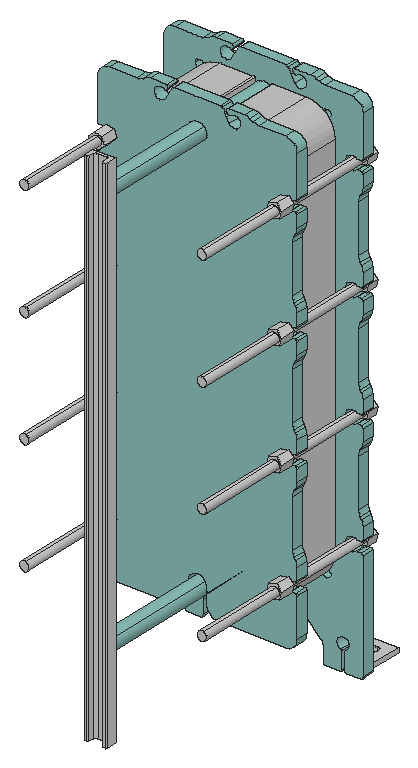
Revit family "Ekin_Endüstriyel - MIT513", category Specialty Equipment, Revit 2022 (continued)
Forms (mm)
  Extrusion 32, solid, material "Galvanized Steel", visible <- "Threaded Connection", detail levels fine
    sketch origin (0, 0, 0) x (1, 0, 0) y (0, 0, 1)
      loop
        line (55.474, 897.5) -> (43.349, 918.5)
        arc (43.349, 918.5) -> (42.251, 919.598) -> (40.751, 920) r 3
        line (40.751, 920) -> (-40.751, 920)
        arc (-40.751, 920) -> (-42.251, 919.598) -> (-43.349, 918.5) r 3
        line (-43.349, 918.5) -> (-55.474, 897.5)
        arc (-55.474, 897.5) -> (-75.802, 900.921) -> (-58.196, 911.643) r 11
        arc (-58.196, 911.643) -> (-55.773, 911.054) -> (-53.742, 912.5) r 3
        line (-53.742, 912.5) -> (-52.01, 915.5)
        arc (-52.01, 915.5) -> (-52.01, 918.5) -> (-54.608, 920) r 3
        line (-54.608, 920) -> (-82.141, 920)
        arc (-82.141, 920) -> (-87.317, 919.319) -> (-92.141, 917.321) r 20
        line (-92.141, 917.321) -> (-96.715, 914.679)
        arc (-96.715, 914.679) -> (-101.539, 912.681) -> (-106.715, 912) r 20
      loop
        circle (-70, 827.5) r 32.5
      loop
        circle (70, 827.5) r 32.5
      loop
        circle (-70, 187.5) r 32.5
      loop
        circle (70, 187.5) r 32.5
      loop
        circle (0, 149) r 6.25
      loop
        circle (0, 866) r 6.25
    from 0 to 20 <- "Head & Follower Plate"
Cuts and joins
  joined: Extrusion 5, Extrusion 9
  Extrusion 21, Extrusion 23 cuts Extrusion 20
  Extrusion 23 cuts Extrusion 22
  joined: Extrusion 27, Extrusion 28
Dimensions and locks
  "Lk": plane 7 "1" to plane 6 "2"
  "Head & Follower Plate": plane 1 "Center (Front/Back)" to plane 7 "1"  (x2)
  "Lc": plane 7 "1" to plane 8 "3"
  locked: Extrusion 7 sketch curve to Extrusion 7 sketch curve at 8  (x2)
  equal spacing: Extrusion 7 sketch curve, plane 3 "Center (Left/Right)", Extrusion 7 sketch curve
  Extrusion 7 sketch curve to plane 3 "Center (Left/Right)" = 20.00 mm
  locked: Extrusion 7 sketch curve to plane 8 "3" at 5
  locked: plane 8 "3" to Extrusion 7 sketch curve at 20
  plane 7 "1" to plane 6 "2" = 125.00 mm
  plane 7 "1" to plane 8 "3" = 350.00 mm
  "Lc": plane 10 to plane 1 "Center (Front/Back)"
  "Tightening Bolt": diameter of Extrusion 5 sketch curve  (x8)
  aligned and locked: level to plane 2
  aligned and locked: Extrusion 1 to plane 1 "Center (Front/Back)"
  aligned and locked: Extrusion 2 to plane 6 "2"
  aligned and locked: Extrusion 4 to plane 8 "3"
  aligned and locked: plane 7 "1" to Extrusion 4
  aligned and locked: Extrusion 7 sketch curve to plane 8 "3"
  aligned and locked: Extrusion 7 sketch curve to Extrusion 7 sketch curve
  aligned and locked: plane 6 "2" to Extrusion 3
  aligned and locked: plane 1 "Center (Front/Back)" to Extrusion 8
  aligned and locked: plane 9 "Bolt End" to Extrusion 8
  aligned and locked: Extrusion 5 to plane 1 "Center (Front/Back)"
  aligned and locked: Extrusion 19 to plane 6 "2"
  aligned and locked: Extrusion 15 to plane 6 "2"
  aligned and locked: plane 10 to cut or joined group of Extrusion 5, Extrusion 9
Automatic sketch dimensions
  Extrusion 1 sketch curve to Extrusion 1 sketch curve = 0.00 mm  (x69)
  Extrusion 1 sketch curve to level = 0.00 mm  (x4)
  Extrusion 1 sketch curve to plane 3 "Center (Left/Right)" = 0.00 mm  (x2)
  Extrusion 1 sketch curve to plane 3 "Center (Left/Right)" = 28.00 mm  (x4)
  Extrusion 1 sketch curve to plane 3 "Center (Left/Right)" = 40.751 mm
  Extrusion 1 sketch curve to Extrusion 1 sketch curve = 2.598 mm  (x6)
  Extrusion 1 sketch curve to Extrusion 1 sketch curve = 8.66 mm  (x2)
  Extrusion 1 sketch curve to Extrusion 1 sketch curve = 1.732 mm  (x4)
  Extrusion 1 sketch curve to plane 3 "Center (Left/Right)" = 63.787 mm
  Extrusion 1 sketch curve to Extrusion 1 sketch curve = 9.526 mm  (x2)
  Extrusion 1 sketch curve to Extrusion 1 sketch curve = 42.00 mm  (x20)
  Extrusion 1 sketch curve to Extrusion 1 sketch curve = 10.607 mm  (x5)
  Extrusion 1 sketch curve to Extrusion 1 sketch curve = 17.141 mm  (x2)
  Extrusion 1 sketch curve to Extrusion 1 sketch curve = 26.213 mm  (x4)
  Extrusion 1 sketch curve to Extrusion 1 sketch curve = 10.00 mm  (x4)
  Extrusion 1 sketch curve to Extrusion 1 sketch curve = 4.574 mm  (x14)
  level to Extrusion 1 sketch curve = 39.393 mm  (x2)
  Extrusion 1 sketch curve to Extrusion 1 sketch curve = 4.393 mm  (x2)
  Extrusion 1 sketch curve to Extrusion 1 sketch curve = 5.00 mm  (x4)
  Extrusion 1 sketch curve to Extrusion 1 sketch curve = 29.859 mm  (x2)
  Extrusion 1 sketch curve to Extrusion 1 sketch curve = 29.50 mm
  Extrusion 1 sketch curve to Extrusion 1 sketch curve = 24.50 mm  (x4)
  Extrusion 1 sketch curve to Extrusion 1 sketch curve = 3.00 mm  (x26)
  Extrusion 1 sketch curve to Extrusion 1 sketch curve = 2.50 mm  (x4)
  Extrusion 1 sketch curve to Extrusion 1 sketch curve = 43.00 mm  (x6)
  Extrusion 1 sketch curve to plane 3 "Center (Left/Right)" = 155.00 mm
  Extrusion 1 sketch curve to Extrusion 1 sketch curve = 48.285 mm
  Extrusion 1 sketch curve to Extrusion 1 sketch curve = 1.001 mm  (x8)
  Extrusion 1 sketch curve to Extrusion 1 sketch curve = 8.916 mm  (x16)
  Extrusion 1 sketch curve to Extrusion 1 sketch curve = 12.00 mm  (x6)
  Extrusion 1 sketch curve to Extrusion 1 sketch curve = 2.679 mm  (x23)
  Extrusion 1 sketch curve to Extrusion 1 sketch curve = 7.083 mm  (x15)
  Extrusion 1 sketch curve to Extrusion 1 sketch curve = 2.641 mm  (x12)
  level to Extrusion 1 sketch curve = 5.00 mm  (x2)
  Extrusion 1 sketch curve to Extrusion 1 sketch curve = 20.00 mm  (x8)
  Extrusion 1 sketch curve to Extrusion 1 sketch curve = 17.321 mm  (x6)
  plane 3 "Center (Left/Right)" to Extrusion 1 sketch curve = 28.00 mm  (x4)
  plane 3 "Center (Left/Right)" to Extrusion 1 sketch curve = 40.751 mm
  plane 3 "Center (Left/Right)" to Extrusion 1 sketch curve = 63.787 mm
  plane 3 "Center (Left/Right)" to Extrusion 1 sketch curve = 155.00 mm
  Extrusion 1 sketch curve to Extrusion 1 sketch curve = 29.126 mm  (x2)
  Extrusion 1 sketch curve to Extrusion 1 sketch curve = 12.874 mm  (x2)
  Extrusion 1 sketch curve to Extrusion 1 sketch curve = 75.50 mm
  Extrusion 1 sketch curve to Extrusion 1 sketch curve = 3.50 mm  (x3)
  Extrusion 1 sketch curve to Extrusion 1 sketch curve = 8.25 mm  (x2)
  Extrusion 1 sketch curve to Extrusion 1 sketch curve = 8.75 mm  (x12)
  Extrusion 1 sketch curve to Extrusion 1 sketch curve = 17.50 mm  (x4)
  Extrusion 1 sketch curve to Extrusion 1 sketch curve = 21.535 mm  (x12)
  Extrusion 1 sketch curve to Extrusion 1 sketch curve = 84.282 mm  (x6)
  Extrusion 1 sketch curve to Extrusion 1 sketch curve = 11.285 mm  (x2)
  Extrusion 1 sketch curve to Extrusion 1 sketch curve = 38.50 mm
  Extrusion 1 sketch curve to Extrusion 1 sketch curve = 22.50 mm  (x2)
  Extrusion 1 sketch curve to Extrusion 1 sketch curve = 28.00 mm  (x2)
  Extrusion 1 sketch curve to Extrusion 1 sketch curve = 5.50 mm  (x2)
  Extrusion 1 sketch curve to Extrusion 1 sketch curve = 9.50 mm  (x2)
  Extrusion 1 sketch curve to Extrusion 1 sketch curve = 1.50 mm  (x7)
  Extrusion 1 sketch curve to plane 3 "Center (Left/Right)" = 6.25 mm  (x2)
  Extrusion 1 sketch curve to Extrusion 1 sketch curve = 7.00 mm  (x16)
  Extrusion 1 sketch curve to Extrusion 1 sketch curve = 32.50 mm  (x4)
  Extrusion 2 sketch curve to Extrusion 2 sketch curve = 0.00 mm  (x9)
  Extrusion 2 sketch curve to plane 3 "Center (Left/Right)" = 0.00 mm  (x2)
  plane 3 "Center (Left/Right)" to Extrusion 2 sketch curve = 15.00 mm  (x2)
  Extrusion 2 sketch curve to Extrusion 2 sketch curve = 2.00 mm  (x5)
  Extrusion 2 sketch curve to Extrusion 2 sketch curve = 55.00 mm  (x4)
  Extrusion 2 sketch curve to Extrusion 2 sketch curve = 5.00 mm  (x8)
  Extrusion 2 sketch curve to Extrusion 2 sketch curve = 50.00 mm  (x2)
  level to Extrusion 2 sketch curve = 132.50 mm
  Extrusion 2 sketch curve to Extrusion 2 sketch curve = 15.00 mm  (x2)
  Extrusion 2 sketch curve to Extrusion 2 sketch curve = 640.00 mm
  Extrusion 2 sketch curve to Extrusion 2 sketch curve = 32.50 mm  (x4)
  Extrusion 3 sketch curve to Extrusion 3 sketch curve = 0.00 mm  (x22)
  Extrusion 3 sketch curve to plane 3 "Center (Left/Right)" = 0.00 mm  (x2)
  plane 3 "Center (Left/Right)" to Extrusion 3 sketch curve = 16.50 mm
  Extrusion 3 sketch curve to Extrusion 3 sketch curve = 20.00 mm  (x17)
  plane 3 "Center (Left/Right)" to Extrusion 3 sketch curve = 40.751 mm
  Extrusion 3 sketch curve to Extrusion 3 sketch curve = 2.598 mm  (x6)
  Extrusion 3 sketch curve to Extrusion 3 sketch curve = 8.66 mm  (x2)
  Extrusion 3 sketch curve to Extrusion 3 sketch curve = 1.732 mm  (x4)
  Extrusion 3 sketch curve to Extrusion 3 sketch curve = 9.526 mm  (x2)
  Extrusion 3 sketch curve to Extrusion 3 sketch curve = 17.141 mm  (x2)
  Extrusion 3 sketch curve to Extrusion 3 sketch curve = 10.00 mm  (x4)
  Extrusion 3 sketch curve to Extrusion 3 sketch curve = 4.574 mm  (x14)
  Extrusion 3 sketch curve to Extrusion 3 sketch curve = 48.285 mm  (x2)
  Extrusion 3 sketch curve to Extrusion 3 sketch curve = 118.50 mm  (x2)
  plane 3 "Center (Left/Right)" to Extrusion 3 sketch curve = 155.00 mm
  Extrusion 3 sketch curve to Extrusion 3 sketch curve = 1.00 mm  (x8)
  Extrusion 3 sketch curve to Extrusion 3 sketch curve = 8.917 mm  (x16)
  Extrusion 3 sketch curve to Extrusion 3 sketch curve = 12.00 mm  (x6)
  Extrusion 3 sketch curve to Extrusion 3 sketch curve = 2.679 mm  (x20)
  Extrusion 3 sketch curve to Extrusion 3 sketch curve = 7.083 mm  (x16)
  Extrusion 3 sketch curve to Extrusion 3 sketch curve = 2.641 mm  (x12)
  Extrusion 3 sketch curve to Extrusion 3 sketch curve = 3.00 mm  (x22)
  Extrusion 3 sketch curve to plane 3 "Center (Left/Right)" = 40.751 mm
  Extrusion 3 sketch curve to plane 3 "Center (Left/Right)" = 155.00 mm  (x2)
  level to Extrusion 3 sketch curve = 107.50 mm  (x2)
  Extrusion 3 sketch curve to Extrusion 3 sketch curve = 25.50 mm
  Extrusion 3 sketch curve to Extrusion 3 sketch curve = 68.25 mm  (x2)
  Extrusion 3 sketch curve to Extrusion 3 sketch curve = 8.75 mm  (x14)
  Extrusion 3 sketch curve to Extrusion 3 sketch curve = 21.535 mm  (x10)
  Extrusion 3 sketch curve to Extrusion 3 sketch curve = 84.282 mm  (x6)
  Extrusion 3 sketch curve to Extrusion 3 sketch curve = 17.499 mm  (x2)
  Extrusion 3 sketch curve to Extrusion 3 sketch curve = 21.536 mm  (x2)
  Extrusion 3 sketch curve to Extrusion 3 sketch curve = 58.50 mm
  Extrusion 3 sketch curve to Extrusion 3 sketch curve = 72.75 mm  (x2)
  Extrusion 3 sketch curve to Extrusion 3 sketch curve = 14.50 mm  (x2)
  Extrusion 3 sketch curve to Extrusion 3 sketch curve = 2.50 mm  (x2)
  Extrusion 3 sketch curve to Extrusion 3 sketch curve = 5.50 mm  (x2)
  Extrusion 3 sketch curve to Extrusion 3 sketch curve = 9.50 mm  (x2)
  Extrusion 3 sketch curve to Extrusion 3 sketch curve = 1.50 mm  (x7)
  plane 3 "Center (Left/Right)" to Extrusion 3 sketch curve = 11.73 mm
  Extrusion 3 sketch curve to plane 3 "Center (Left/Right)" = 11.73 mm
  Extrusion 3 sketch curve to Extrusion 3 sketch curve = 10.881 mm
  Extrusion 4 sketch curve to Extrusion 4 sketch curve = 0.00 mm  (x4)
  Extrusion 4 sketch curve to plane 3 "Center (Left/Right)" = 0.00 mm  (x2)
  level to Extrusion 4 sketch curve = 149.00 mm
  Extrusion 4 sketch curve to Extrusion 4 sketch curve = 717.00 mm
  plane 3 "Center (Left/Right)" to Extrusion 4 sketch curve = 10.997 mm  (x2)
  Extrusion 4 sketch curve to plane 3 "Center (Left/Right)" = 10.997 mm  (x2)
  Extrusion 4 sketch curve to Extrusion 4 sketch curve = 10.201 mm  (x2)
  Extrusion 5 sketch curve to Extrusion 5 sketch curve = 0.00 mm  (x16)
  Extrusion 5 sketch curve to plane 3 "Center (Left/Right)" = 156.001 mm  (x4)
  plane 3 "Center (Left/Right)" to Extrusion 5 sketch curve = 155.999 mm  (x4)
  level to Extrusion 5 sketch curve = 207.50 mm  (x2)
  Extrusion 5 sketch curve to Extrusion 5 sketch curve = 200.00 mm  (x6)
  Extrusion 5 sketch curve to Extrusion 5 sketch curve = 2.132 mm  (x16)
  Extrusion 6 sketch curve to Extrusion 6 sketch curve = 0.00 mm  (x14)
  Extrusion 6 sketch curve to level = 0.00 mm  (x2)
  Extrusion 6 sketch curve to plane 4 = 1335.00 mm  (x2)
  Extrusion 6 sketch curve to Extrusion 6 sketch curve = 8.00 mm  (x4)
  Extrusion 6 sketch curve to Extrusion 6 sketch curve = 18.999 mm  (x4)
  Extrusion 6 sketch curve to Extrusion 6 sketch curve = 35.00 mm  (x5)
  Extrusion 6 sketch curve to Extrusion 6 sketch curve = 73.644 mm
  Extrusion 6 sketch curve to Extrusion 6 sketch curve = 13.856 mm  (x14)
  Extrusion 6 sketch curve to Extrusion 6 sketch curve = 86.001 mm  (x2)
  Extrusion 6 sketch curve to Extrusion 6 sketch curve = 22.50 mm  (x2)
  Extrusion 6 sketch curve to Extrusion 6 sketch curve = 70.00 mm  (x2)
  Extrusion 6 sketch curve to Extrusion 6 sketch curve = 65.00 mm  (x2)
  Extrusion 6 sketch curve to plane 4 = 1090.00 mm
  Extrusion 6 sketch curve to Extrusion 6 sketch curve = 5.00 mm
  Extrusion 6 sketch curve to plane 4 = 1020.00 mm
  Extrusion 6 sketch curve to plane 4 = 1003.999 mm  (x4)
  Extrusion 6 sketch curve to plane 4 = 993.00 mm  (x3)
  Extrusion 6 sketch curve to plane 4 = 985.00 mm  (x4)
  level to Extrusion 6 sketch curve = 35.00 mm  (x2)
  Extrusion 6 sketch curve to Extrusion 6 sketch curve = 10.00 mm  (x2)
  Extrusion 6 sketch curve to Extrusion 6 sketch curve = 79.00 mm
  Extrusion 6 sketch curve to Extrusion 6 sketch curve = 38.50 mm  (x3)
  Extrusion 6 sketch curve to Extrusion 6 sketch curve = 20.00 mm  (x4)
  Extrusion 6 sketch curve to Extrusion 6 sketch curve = 38.644 mm  (x12)
  Extrusion 6 sketch curve to Extrusion 6 sketch curve = 95.00 mm  (x6)
  Extrusion 6 sketch curve to Extrusion 6 sketch curve = 37.00 mm  (x2)
  Extrusion 6 sketch curve to Extrusion 6 sketch curve = 9.00 mm  (x2)
  Extrusion 6 sketch curve to Extrusion 6 sketch curve = 32.50 mm  (x4)
  Extrusion 6 sketch curve to Extrusion 6 sketch curve = 6.25 mm  (x2)
  Extrusion 7 sketch curve to Extrusion 7 sketch curve = 2.00 mm  (x4)
  plane 3 "Center (Left/Right)" to Extrusion 7 sketch curve = 7.00 mm
  Extrusion 7 sketch curve to plane 3 "Center (Left/Right)" = 7.00 mm
  Extrusion 8 sketch curve to plane 3 "Center (Left/Right)" = 169.412 mm  (x4)
  Extrusion 8 sketch curve to Extrusion 8 sketch curve = 3.692 mm  (x16)
  Extrusion 8 sketch curve to Extrusion 8 sketch curve = 9.72 mm  (x8)
  Extrusion 8 sketch curve to Extrusion 8 sketch curve = 13.412 mm  (x16)
  plane 3 "Center (Left/Right)" to Extrusion 8 sketch curve = 142.587 mm  (x4)
  level to Extrusion 8 sketch curve = 194.145 mm  (x2)
  Extrusion 8 sketch curve to Extrusion 8 sketch curve = 3.48 mm  (x16)
  Extrusion 8 sketch curve to Extrusion 8 sketch curve = 9.875 mm  (x8)
  Extrusion 8 sketch curve to Extrusion 8 sketch curve = 13.355 mm  (x16)
  Extrusion 8 sketch curve to Extrusion 8 sketch curve = 173.289 mm  (x6)
  Extrusion 3 to Extrusion 9 sketch curve = 2.492 mm  (x8)
  Extrusion 9 sketch curve to Extrusion 3 = 1.523 mm  (x8)
  Extrusion 9 sketch curve to Extrusion 3 = 6.985 mm  (x8)
  Extrusion 9 sketch curve to Extrusion 3 = 4.512 mm  (x10)
  Extrusion 9 sketch curve to Extrusion 9 sketch curve = 13.493 mm  (x8)
  Extrusion 9 sketch curve to Extrusion 3 = 4.51 mm  (x2)
  Extrusion 9 sketch curve to Extrusion 3 = 4.513 mm  (x2)
  Extrusion 9 sketch curve to Extrusion 3 = 1.358 mm  (x2)
  Extrusion 9 sketch curve to Extrusion 3 = 1.359 mm  (x10)
  Extrusion 9 sketch curve to Extrusion 3 = 1.362 mm  (x2)
  Extrusion 3 to Extrusion 9 sketch curve = 5.599 mm  (x2)
  Extrusion 9 sketch curve to Extrusion 9 sketch curve = 9.478 mm  (x8)
  Extrusion 3 to Extrusion 9 sketch curve = 5.596 mm  (x10)
  Extrusion 3 to Extrusion 9 sketch curve = 5.595 mm  (x2)
  Extrusion 9 sketch curve to Extrusion 3 = 24.493 mm  (x4)
  Extrusion 9 sketch curve to Extrusion 9 sketch curve = 4.015 mm  (x4)
  Extrusion 9 sketch curve to Extrusion 3 = 1.356 mm  (x2)
  Extrusion 3 to Extrusion 9 sketch curve = 5.593 mm  (x2)
  Extrusion 9 sketch curve to Extrusion 3 = 4.515 mm  (x2)
  Extrusion 3 to Extrusion 10 sketch curve = 2.442 mm  (x14)
  Extrusion 3 to Extrusion 10 sketch curve = 7.984 mm  (x8)
  Extrusion 3 to Extrusion 10 sketch curve = 2.443 mm  (x2)
  Extrusion 10 sketch curve to Extrusion 3 = 0.047 mm  (x8)
  Extrusion 10 sketch curve to Extrusion 3 = 2.971 mm  (x8)
  Extrusion 10 sketch curve to Extrusion 3 = 19.032 mm  (x8)
  Extrusion 10 sketch curve to Extrusion 3 = 11.467 mm  (x14)
  Extrusion 10 sketch curve to Extrusion 10 sketch curve = 26.986 mm  (x4)
  Extrusion 10 sketch curve to Extrusion 10 sketch curve = 18.955 mm  (x4)
  Extrusion 10 sketch curve to Extrusion 3 = 37.987 mm  (x4)
  Extrusion 10 sketch curve to Extrusion 10 sketch curve = 8.03 mm  (x4)
  Extrusion 10 sketch curve to Extrusion 3 = 17.774 mm  (x14)
  Extrusion 10 sketch curve to Extrusion 3 = 17.775 mm  (x2)
  Extrusion 10 sketch curve to Extrusion 3 = 11.468 mm  (x2)
  Extrusion 11 sketch curve to plane 3 "Center (Left/Right)" = 182.824 mm  (x4)
  Extrusion 11 sketch curve to Extrusion 11 sketch curve = 7.385 mm  (x16)
  Extrusion 11 sketch curve to Extrusion 11 sketch curve = 19.44 mm  (x8)
  Extrusion 11 sketch curve to Extrusion 11 sketch curve = 26.825 mm  (x16)
  plane 3 "Center (Left/Right)" to Extrusion 11 sketch curve = 129.175 mm  (x4)
  level to Extrusion 11 sketch curve = 180.789 mm  (x2)
  Extrusion 11 sketch curve to Extrusion 11 sketch curve = 6.96 mm  (x16)
  Extrusion 11 sketch curve to Extrusion 11 sketch curve = 19.751 mm  (x8)
  Extrusion 11 sketch curve to Extrusion 11 sketch curve = 26.711 mm  (x16)
  Extrusion 11 sketch curve to Extrusion 11 sketch curve = 146.579 mm  (x6)
  Extrusion 12 sketch curve to Extrusion 12 sketch curve = 0.00 mm  (x44)
  Extrusion 12 sketch curve to plane 3 "Center (Left/Right)" = 127.50 mm  (x2)
  Extrusion 12 sketch curve to Extrusion 12 sketch curve = 12.00 mm  (x16)
  Extrusion 12 sketch curve to Extrusion 12 sketch curve = 3.50 mm  (x23)
  Extrusion 12 sketch curve to Extrusion 12 sketch curve = 42.00 mm  (x18)
  Extrusion 12 sketch curve to plane 3 "Center (Left/Right)" = 28.00 mm  (x4)
  Extrusion 12 sketch curve to plane 3 "Center (Left/Right)" = 12.50 mm  (x2)
  plane 3 "Center (Left/Right)" to Extrusion 12 sketch curve = 12.50 mm  (x2)
  Extrusion 12 sketch curve to Extrusion 12 sketch curve = 15.50 mm  (x15)
  level to Extrusion 12 sketch curve = 130.00 mm
  Extrusion 12 sketch curve to Extrusion 12 sketch curve = 525.00 mm
  Extrusion 12 sketch curve to Extrusion 12 sketch curve = 6.00 mm  (x8)
  Extrusion 12 sketch curve to Extrusion 12 sketch curve = 31.50 mm  (x4)
  Extrusion 12 sketch curve to Extrusion 12 sketch curve = 9.50 mm  (x8)
  Extrusion 13 sketch curve to Extrusion 13 sketch curve = 0.00 mm  (x11)
  Extrusion 13 sketch curve to plane 4 = 1287.50 mm  (x2)
  Extrusion 13 sketch curve to Extrusion 13 sketch curve = 12.00 mm  (x24)
  level to Extrusion 13 sketch curve = 130.00 mm  (x2)
  Extrusion 13 sketch curve to Extrusion 13 sketch curve = 45.50 mm  (x16)
  Extrusion 13 sketch curve to Extrusion 13 sketch curve = 25.00 mm  (x2)
  Extrusion 13 sketch curve to plane 4 = 1044.50 mm  (x4)
  Extrusion 13 sketch curve to Extrusion 13 sketch curve = 57.50 mm  (x2)
  Extrusion 13 sketch curve to Extrusion 13 sketch curve = 525.00 mm
  Extrusion 13 sketch curve to Extrusion 13 sketch curve = 31.50 mm  (x4)
  plane 5 to Extrusion 14 sketch curve = 872.50 mm  (x2)
  Extrusion 14 sketch curve to Extrusion 14 sketch curve = 12.00 mm  (x22)
  plane 5 to Extrusion 14 sketch curve = 975.50 mm  (x4)
  plane 5 to Extrusion 14 sketch curve = 987.50 mm  (x2)
  plane 5 to Extrusion 14 sketch curve = 1012.50 mm  (x2)
  Extrusion 14 sketch curve to Extrusion 14 sketch curve = 91.00 mm  (x10)
  level to Extrusion 14 sketch curve = 130.00 mm  (x2)
  Extrusion 14 sketch curve to Extrusion 14 sketch curve = 0.00 mm  (x3)
  Extrusion 14 sketch curve to Extrusion 14 sketch curve = 525.00 mm
  Extrusion 15 sketch curve to plane 4 = 1035.00 mm
  Extrusion 15 sketch curve to Extrusion 15 sketch curve = 110.00 mm  (x3)
  Extrusion 15 sketch curve to Extrusion 15 sketch curve = 30.00 mm  (x2)
  level to Extrusion 15 sketch curve = 132.50 mm  (x2)
  Extrusion 15 sketch curve to Extrusion 15 sketch curve = 32.00 mm  (x3)
  Extrusion 15 sketch curve to Extrusion 15 sketch curve = 686.00 mm
  Extrusion 16 sketch curve to Extrusion 16 sketch curve = 0.00 mm  (x5)
  Extrusion 16 sketch curve to plane 4 = 985.00 mm  (x4)
  Extrusion 16 sketch curve to plane 4 = 993.00 mm  (x3)
  Extrusion 16 sketch curve to plane 4 = 1003.999 mm  (x4)
  Extrusion 16 sketch curve to plane 4 = 1058.644 mm
  Extrusion 16 sketch curve to Extrusion 16 sketch curve = 13.856 mm  (x14)
  Extrusion 16 sketch curve to Extrusion 16 sketch curve = 22.50 mm  (x2)
  Extrusion 16 sketch curve to plane 4 = 1160.00 mm
  Extrusion 16 sketch curve to Extrusion 16 sketch curve = 65.00 mm  (x2)
  Extrusion 16 sketch curve to Extrusion 16 sketch curve = 156.001 mm  (x2)
  Extrusion 16 sketch curve to Extrusion 16 sketch curve = 54.644 mm
  Extrusion 16 sketch curve to Extrusion 16 sketch curve = 10.999 mm  (x3)
  Extrusion 16 sketch curve to Extrusion 16 sketch curve = 8.00 mm  (x5)
  level to Extrusion 16 sketch curve = 107.50 mm
  level to Extrusion 16 sketch curve = 153.00 mm
  Extrusion 16 sketch curve to Extrusion 16 sketch curve = 100.00 mm  (x2)
  Extrusion 16 sketch curve to Extrusion 16 sketch curve = 38.644 mm  (x12)
  Extrusion 16 sketch curve to Extrusion 16 sketch curve = 95.00 mm  (x6)
  Extrusion 16 sketch curve to Extrusion 16 sketch curve = 58.50 mm
  Extrusion 16 sketch curve to Extrusion 16 sketch curve = 37.00 mm  (x2)
  Extrusion 16 sketch curve to Extrusion 16 sketch curve = 104.50 mm
  Extrusion 16 sketch curve to Extrusion 16 sketch curve = 9.00 mm
  Extrusion 16 sketch curve to Extrusion 16 sketch curve = 16.50 mm
  Extrusion 16 sketch curve to Extrusion 16 sketch curve = 6.25 mm
  Extrusion 17 sketch curve to level = 0.00 mm
  plane 5 to Extrusion 17 sketch curve = 825.00 mm
  plane 5 to Extrusion 17 sketch curve = 1175.00 mm
  Extrusion 17 sketch curve to Extrusion 17 sketch curve = 920.00 mm
  plane 5 to Extrusion 18 sketch curve = 1175.00 mm
  plane 5 to Extrusion 18 sketch curve = 825.00 mm
  level to Extrusion 18 sketch curve = 107.50 mm
  Extrusion 18 sketch curve to Extrusion 18 sketch curve = 812.50 mm
  plane 5 to Extrusion 19 sketch curve = 1125.00 mm
  plane 5 to Extrusion 19 sketch curve = 875.00 mm
  level to Extrusion 19 sketch curve = 132.50 mm
  Extrusion 19 sketch curve to Extrusion 19 sketch curve = 750.00 mm
  Extrusion 20 sketch curve to level = 0.00 mm
  Extrusion 20 sketch curve to plane 1 "Center (Front/Back)" = 0.00 mm
  Extrusion 20 sketch curve to Extrusion 20 sketch curve = 7.50 mm
  level to Extrusion 20 sketch curve = 7.50 mm
  plane 9 "Bolt End" to Extrusion 20 sketch curve = 51.30 mm
  Extrusion 20 sketch curve to Extrusion 20 sketch curve = 62.50 mm
  Extrusion 22 sketch curve to level = 0.00 mm
  Extrusion 22 sketch curve to plane 1 "Center (Front/Back)" = 0.00 mm
  Extrusion 22 sketch curve to Extrusion 22 sketch curve = 7.50 mm
  level to Extrusion 22 sketch curve = 7.50 mm
  plane 9 "Bolt End" to Extrusion 22 sketch curve = 51.30 mm
  Extrusion 22 sketch curve to Extrusion 22 sketch curve = 62.50 mm
  Extrusion 23 sketch curve to Extrusion 23 sketch curve = 9.00 mm
  Extrusion 24 sketch curve to level = 0.00 mm
  Extrusion 24 sketch curve to plane 1 "Center (Front/Back)" = 0.00 mm
  Extrusion 24 sketch curve to Extrusion 24 sketch curve = 7.50 mm
  level to Extrusion 24 sketch curve = 7.50 mm
  plane 9 "Bolt End" to Extrusion 24 sketch curve = 51.30 mm
  Extrusion 24 sketch curve to Extrusion 24 sketch curve = 62.50 mm
  Extrusion 25 sketch curve to level = 0.00 mm
  Extrusion 25 sketch curve to plane 1 "Center (Front/Back)" = 0.00 mm
  Extrusion 25 sketch curve to Extrusion 25 sketch curve = 7.50 mm
  level to Extrusion 25 sketch curve = 7.50 mm
  plane 9 "Bolt End" to Extrusion 25 sketch curve = 51.30 mm
  Extrusion 25 sketch curve to Extrusion 25 sketch curve = 62.50 mm
  Extrusion 26 sketch curve to level = 0.00 mm
  plane 3 "Center (Left/Right)" to Extrusion 26 sketch curve = 20.00 mm
  Extrusion 26 sketch curve to plane 3 "Center (Left/Right)" = 20.00 mm
  level to Extrusion 26 sketch curve = 920.00 mm
  Extrusion 27 sketch curve to Extrusion 12 = 1.584 mm  (x16)
  Extrusion 27 sketch curve to Extrusion 12 = 5.224 mm  (x16)
  Extrusion 27 sketch curve to Extrusion 12 = 1.533 mm  (x16)
  Extrusion 27 sketch curve to Extrusion 12 = 11.861 mm  (x16)
  Extrusion 27 sketch curve to Extrusion 27 sketch curve = 13.916 mm  (x16)
  Extrusion 27 sketch curve to Extrusion 12 = 5.365 mm  (x16)
  Extrusion 27 sketch curve to Extrusion 27 sketch curve = 10.276 mm  (x9)
  Extrusion 27 sketch curve to Extrusion 27 sketch curve = 3.639 mm  (x15)
  Extrusion 27 sketch curve to Extrusion 12 = 29.416 mm  (x8)
  Extrusion 27 sketch curve to Extrusion 12 = 11.668 mm  (x16)
  Extrusion 27 sketch curve to Extrusion 27 sketch curve = 13.967 mm  (x21)
  Extrusion 27 sketch curve to Extrusion 27 sketch curve = 10.135 mm  (x11)
  Extrusion 27 sketch curve to Extrusion 27 sketch curve = 24.103 mm  (x8)
  Extrusion 27 sketch curve to Extrusion 27 sketch curve = 3.832 mm  (x8)
  Extrusion 28 sketch curve to Extrusion 28 sketch curve = 0.00 mm  (x16)
  Extrusion 28 sketch curve to Extrusion 12 = 1.038 mm  (x16)
  Extrusion 28 sketch curve to Extrusion 28 sketch curve = 14.462 mm  (x16)
  Extrusion 12 to Extrusion 29 sketch curve = 26.043 mm
  Extrusion 29 sketch curve to Extrusion 29 sketch curve = 2.448 mm  (x2)
  Extrusion 29 sketch curve to Extrusion 29 sketch curve = 11.095 mm
  Extrusion 12 to Extrusion 29 sketch curve = 10.052 mm  (x2)
  Extrusion 12 to Extrusion 29 sketch curve = 1.405 mm  (x2)
  Extrusion 29 sketch curve to Extrusion 12 = 1.043 mm  (x2)
  Extrusion 29 sketch curve to Extrusion 29 sketch curve = 13.543 mm  (x2)
  Extrusion 12 to Extrusion 29 sketch curve = 99.225 mm  (x2)
  Extrusion 29 sketch curve to Extrusion 29 sketch curve = 4.992 mm  (x3)
  Extrusion 29 sketch curve to Extrusion 29 sketch curve = 9.233 mm  (x3)
  Extrusion 29 sketch curve to Extrusion 29 sketch curve = 14.225 mm  (x4)
  Extrusion 31 sketch curve to Extrusion 31 sketch curve = 0.00 mm  (x50)
  Extrusion 31 sketch curve to Extrusion 6 = 117.50 mm
  Extrusion 31 sketch curve to Extrusion 6 = 245.00 mm
  Extrusion 31 sketch curve to Extrusion 6 = 84.50 mm  (x2)
  Extrusion 31 sketch curve to Extrusion 31 sketch curve = 140.00 mm  (x2)
  Extrusion 31 sketch curve to Extrusion 31 sketch curve = 29.50 mm  (x2)
  Extrusion 31 sketch curve to Extrusion 31 sketch curve = 3.00 mm  (x4)
  Extrusion 31 sketch curve to Extrusion 31 sketch curve = 32.50 mm  (x2)
  Extrusion 21 sketch curve to Extrusion 21 sketch curve = 0.00 mm  (x2)
  plane 9 "Bolt End" to Extrusion 21 sketch curve = 26.30 mm
  plane 3 "Center (Left/Right)" to Extrusion 21 sketch curve = 140.00 mm
  Extrusion 21 sketch curve to Extrusion 21 sketch curve = 9.00 mm
  Extrusion 23 sketch curve to Extrusion 23 sketch curve = 0.00 mm  (x2)
  plane 9 "Bolt End" to Extrusion 23 sketch curve = 26.30 mm
  Extrusion 23 sketch curve to plane 3 "Center (Left/Right)" = 140.00 mm
  Extrusion 32 sketch curve to level = 0.00 mm  (x4)
  Extrusion 32 sketch curve to plane 3 "Center (Left/Right)" = 0.00 mm  (x2)
  Extrusion 32 sketch curve to plane 3 "Center (Left/Right)" = 40.751 mm
  Extrusion 32 sketch curve to Extrusion 32 sketch curve = 2.598 mm  (x6)
  Extrusion 32 sketch curve to Extrusion 32 sketch curve = 8.66 mm  (x2)
  Extrusion 32 sketch curve to Extrusion 32 sketch curve = 1.732 mm  (x4)
  Extrusion 32 sketch curve to plane 3 "Center (Left/Right)" = 63.787 mm
  Extrusion 32 sketch curve to Extrusion 32 sketch curve = 9.526 mm  (x2)
  Extrusion 32 sketch curve to Extrusion 32 sketch curve = 10.607 mm  (x5)
  Extrusion 32 sketch curve to Extrusion 32 sketch curve = 17.141 mm  (x2)
  Extrusion 32 sketch curve to Extrusion 32 sketch curve = 26.213 mm  (x4)
  Extrusion 32 sketch curve to Extrusion 32 sketch curve = 10.00 mm  (x4)
  Extrusion 32 sketch curve to Extrusion 32 sketch curve = 4.574 mm  (x14)
  level to Extrusion 32 sketch curve = 39.393 mm  (x2)
  Extrusion 32 sketch curve to Extrusion 32 sketch curve = 4.393 mm  (x2)
  Extrusion 32 sketch curve to Extrusion 32 sketch curve = 5.00 mm  (x4)
  Extrusion 32 sketch curve to Extrusion 32 sketch curve = 29.50 mm
  Extrusion 32 sketch curve to Extrusion 32 sketch curve = 24.50 mm  (x4)
  Extrusion 32 sketch curve to Extrusion 32 sketch curve = 3.00 mm  (x28)
  Extrusion 32 sketch curve to Extrusion 32 sketch curve = 2.50 mm  (x4)
  Extrusion 32 sketch curve to plane 3 "Center (Left/Right)" = 155.00 mm
  Extrusion 32 sketch curve to Extrusion 32 sketch curve = 48.285 mm  (x2)
  Extrusion 32 sketch curve to Extrusion 32 sketch curve = 0.00 mm  (x24)
  Extrusion 32 sketch curve to Extrusion 32 sketch curve = 1.001 mm  (x8)
  Extrusion 32 sketch curve to Extrusion 32 sketch curve = 8.916 mm  (x16)
  Extrusion 32 sketch curve to Extrusion 32 sketch curve = 12.00 mm  (x6)
  Extrusion 32 sketch curve to Extrusion 32 sketch curve = 2.679 mm  (x23)
  Extrusion 32 sketch curve to Extrusion 32 sketch curve = 7.083 mm  (x15)
  Extrusion 32 sketch curve to Extrusion 32 sketch curve = 2.641 mm  (x12)
  level to Extrusion 32 sketch curve = 5.00 mm  (x2)
  Extrusion 32 sketch curve to Extrusion 32 sketch curve = 20.00 mm  (x9)
  Extrusion 32 sketch curve to Extrusion 32 sketch curve = 17.321 mm  (x7)
  plane 3 "Center (Left/Right)" to Extrusion 32 sketch curve = 40.751 mm
  plane 3 "Center (Left/Right)" to Extrusion 32 sketch curve = 63.787 mm
  plane 3 "Center (Left/Right)" to Extrusion 32 sketch curve = 155.00 mm
  Extrusion 32 sketch curve to Extrusion 32 sketch curve = 29.126 mm  (x2)
  Extrusion 32 sketch curve to Extrusion 32 sketch curve = 12.874 mm  (x2)
  Extrusion 32 sketch curve to Extrusion 32 sketch curve = 8.25 mm  (x2)
  Extrusion 32 sketch curve to Extrusion 32 sketch curve = 8.75 mm  (x12)
  Extrusion 32 sketch curve to Extrusion 32 sketch curve = 17.50 mm  (x4)
  Extrusion 32 sketch curve to Extrusion 32 sketch curve = 21.535 mm  (x12)
  Extrusion 32 sketch curve to Extrusion 32 sketch curve = 84.282 mm  (x6)
  Extrusion 32 sketch curve to Extrusion 32 sketch curve = 38.50 mm  (x4)
  Extrusion 32 sketch curve to Extrusion 32 sketch curve = 5.50 mm  (x2)
  Extrusion 32 sketch curve to Extrusion 32 sketch curve = 9.50 mm  (x2)
  Extrusion 32 sketch curve to Extrusion 32 sketch curve = 1.50 mm  (x7)
  Extrusion 32 sketch curve to plane 3 "Center (Left/Right)" = 6.25 mm  (x2)
  Extrusion 32 sketch curve to Extrusion 32 sketch curve = 32.50 mm  (x4)
  Extrusion 32 sketch curve to Extrusion 32 sketch curve = 17.179 mm
  plane 3 "Center (Left/Right)" to Extrusion 32 sketch curve = 70.00 mm  (x2)
  Extrusion 32 sketch curve to Extrusion 32 sketch curve = 72.75 mm  (x2)
  Extrusion 32 sketch curve to Extrusion 32 sketch curve = 22.50 mm
  Extrusion 32 sketch curve to Extrusion 32 sketch curve = 70.00 mm
  Extrusion 32 sketch curve to plane 3 "Center (Left/Right)" = 70.00 mm  (x2)
  Extrusion 32 sketch curve to Extrusion 32 sketch curve = 79.00 mm
  Extrusion 32 sketch curve to Extrusion 32 sketch curve = 17.00 mm
  radius of Extrusion 6 sketch curve = 11.00 mm  (x4)
  radius of Extrusion 6 sketch curve = 11.75 mm  (x8)
  radius of Extrusion 16 sketch curve = 11.00 mm  (x2)
  radius of Extrusion 16 sketch curve = 11.75 mm  (x8)
  radius of Extrusion 12 to Extrusion 28 sketch curve = 5.50 mm  (x16)
  radius of Extrusion 30 sketch curve to Extrusion 6 = 0.00 mm  (x4)
Connectors
  piping at (70, 15, 827.5), diameter 50.8
    settings: on Extrusion 12, index 1, connector inside diameter 609.6 mm, connector length 0.00 mm, flow factor 0, pipe flow 0.0 L/s, pressure drop 0 psi, fitting loss kfactor 0, connector angle 0.00°, fixture units 0, engagement length 0.00 mm, angle of deflection 0.00°, flow configuration 0, flow direction 1, fitting loss method 0, system type 7, joint type 0, gender type 0, connector reference index -1, connector utility 0, adjustable connector no, is connector primary yes, connector description ""
  piping at (-70, 15, 827.5), diameter 50.8
    settings: on Extrusion 12, index 2, connector inside diameter 609.6 mm, connector length 0.00 mm, flow factor 0, pipe flow 0.0 L/s, pressure drop 0 psi, fitting loss kfactor 0, connector angle 0.00°, fixture units 0, engagement length 0.00 mm, angle of deflection 0.00°, flow configuration 0, flow direction 2, fitting loss method 0, system type 7, joint type 0, gender type 0, connector reference index -1, connector utility 0, adjustable connector no, is connector primary no, connector description ""
  piping at (70, 15, 187.5), diameter 50.8
    settings: on Extrusion 12, index 3, connector inside diameter 609.6 mm, connector length 0.00 mm, flow factor 0, pipe flow 0.0 L/s, pressure drop 0 psi, fitting loss kfactor 0, connector angle 0.00°, fixture units 0, engagement length 0.00 mm, angle of deflection 0.00°, flow configuration 0, flow direction 2, fitting loss method 0, system type 7, joint type 0, gender type 0, connector reference index -1, connector utility 0, adjustable connector no, is connector primary no, connector description ""
  piping at (-70, 15, 187.5), diameter 50.8
    settings: on Extrusion 12, index 4, connector inside diameter 609.6 mm, connector length 0.00 mm, flow factor 0, pipe flow 0.0 L/s, pressure drop 0 psi, fitting loss kfactor 0, connector angle 0.00°, fixture units 0, engagement length 0.00 mm, angle of deflection 0.00°, flow configuration 0, flow direction 1, fitting loss method 0, system type 7, joint type 0, gender type 0, connector reference index -1, connector utility 0, adjustable connector no, is connector primary no, connector description ""
Types (2, lengths in mm): name | Threaded Connection | Number_of_Plate | Model | Lk | Lc | Flange Connection
  Flanged | no | 50 | "H12340000F50L" | 125.00 | 350.00 | yes
  Threaded | yes | 20 | "H12340000DD50L" | 50.00 | 250.00 | no
